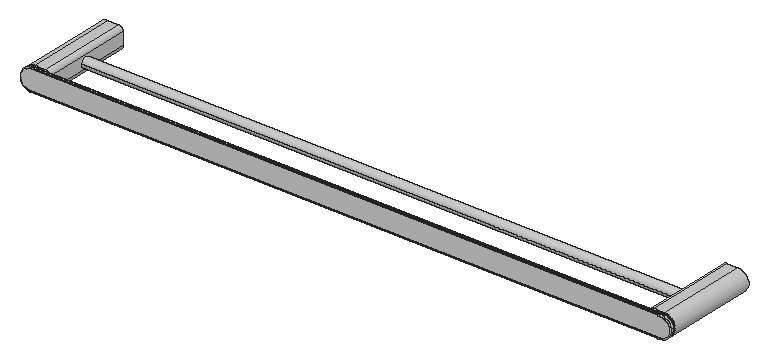
Revit family "TowelRail_SurfaceMount_Abey_Vela_Double", category Specialty Equipment, Revit 2021
Family settings
  Round Connector Dimension = Use Diameter
  Part Type = Normal
  OmniClass Number = 23.31.25.25
  OmniClass Title = Towel Bars
  Work Plane-Based = No
  Always vertical = Yes
  Cut with Voids When Loaded = No
  Shared = No
  Room Calculation Point = No
Parameters (values of type "Chrome (VDTR)")
  Uniclass2015Version = "Products v1.33"
  Uniclass2015Title = "Towel rails"
  Uniclass2015Code = "Pr_40_20_76_90"
  URL = "https://www.abey.com.au/"
  Type Comments = "Chrome"
  ModifiedIssue = 20241025
  Model = "VDTR"
  ManufacturerURLProductSpecific = "https://www.abey.com.au/product/bathroom/bathroom-accessories/vela-bathroom-accessories/vela-760mm-double-towel-rail/?attribute_pa_finish=chrome"
  ManufacturerSpecCode = Model  # "VDTR"
  ManufacturerOverallWidth = 760 mm  # constant formula
  ManufacturerOverallHeight = 25 mm  # constant formula
  ManufacturerOverallDepth = 113 mm  # constant formula
  ManufacturerHeightFromFFL [instance] = 900 mm
  Manufacturer = "Abey"
  IfcExportType = "NOTDEFINED"
  IfcExportAs = "IfcFurniture"
  Description = "Vela Double Towel Rail Chrome"
  Default Elevation = 0 mm
  CreatedByURL = "https://igsgroup.com.au"
  CreatedBy = "IGS BIM Solutions"  # constant formula
  Material = Metal_Abey_Chrome
  Assembly Code = "C1030210"
Types (5, lengths in mm): name | Type Comments | Model | ManufacturerURLProductSpecific | ManufacturerSpecCode | Description | Material
  Chrome (VDTR) | "Chrome" | "VDTR" | "https://www.abey.com.au/product/bathroom/bathroom-accessories/vela-bathroom-accessories/vela-760mm-double-towel-rail/?attribute_pa_finish=chrome" | "VDTR" | "Vela Double Towel Rail Chrome" | Metal_Abey_Chrome
  Black (VDTR-B) | "Black" | "VDTR-B" | "https://www.abey.com.au/product/bathroom/bathroom-accessories/vela-bathroom-accessories/vela-760mm-double-towel-rail/?attribute_pa_finish=black" | "VDTR-B" | "Vela Double Towel Rail Black" | Metal_Abey_Black
  Brushed Brass (VDTR-BB) | "Brushed Brass" | "VDTR-BB" | "https://www.abey.com.au/product/bathroom/bathroom-accessories/vela-bathroom-accessories/vela-760mm-double-towel-rail/?attribute_pa_finish=brushed-brass" | "VDTR-BB" | "Vela Double Towel Rail Brushed Brass" | Metal_Abey_Brass
  Gun Metal (VDTR-GM) | "Gun Metal" | "VDTR-GM" | "https://www.abey.com.au/product/bathroom/bathroom-accessories/vela-bathroom-accessories/vela-760mm-double-towel-rail/?attribute_pa_finish=gun-metal" | "VDTR-GM" | "Vela Double Towel Rail Gun Metal" | Metal_Abey_GunMetal
  Brushed Nickel (VDTR-BN) | "Brushed Nickel" | "VDTR-BN" | "https://www.abey.com.au/product/bathroom/bathroom-accessories/vela-bathroom-accessories/vela-760mm-double-towel-rail/?attribute_pa_finish=brushed-nickel-pvd" | "VDTR-BN" | "Vela Double Towel Rail Brushed Nickel" | Metal_Abey_BrushedNickel
Reference planes
  plane 1 "Ref. Level": z = 0
  plane 2 "Right": x = -437.5
  plane 3 "Back": y = 43.5
  plane 4 "Front": y = -69.5
  plane 5 "Left": x = -1197.5
  plane 6 "Bottom": z = 887.5
  plane 7 "Center (Elevation)": z = 900
  plane 8 "Top": z = 912.5
  plane 9 "Center (Left/Right)": x = -817.5
Forms (mm)
  Extrusion 1, solid, material "Metal_Abey_Chrome" <- "Material"
    sketch origin (-15, -69.5, 0) x (1, 0, 0) y (0, 0, 1)
      loop
        arc (-1170, 912.5) -> (-1182.5, 900) -> (-1170, 887.5) r 12.5
        line (-1170, 887.5) -> (-435, 887.5)
        arc (-435, 887.5) -> (-422.5, 900) -> (-435, 912.5) r 12.5
        line (-435, 912.5) -> (-1170, 912.5)
    from -5 to 0
  Extrusion 2, solid, material "Metal_Abey_Chrome" <- "Material"
    sketch origin (-15, 43.5, 0) x (1, 0, 0) y (0, 0, 1)
      loop
        arc (-1170, 912.5) -> (-1182.5, 900) -> (-1170, 887.5) r 12.5
        line (-1170, 887.5) -> (-1157.5, 887.5)
        arc (-1157.5, 887.5) -> (-1153.964, 888.964) -> (-1152.5, 892.5) r 5
        line (-1152.5, 892.5) -> (-1152.5, 907.5)
        arc (-1152.5, 907.5) -> (-1153.964, 911.036) -> (-1157.5, 912.5) r 5
        line (-1157.5, 912.5) -> (-1170, 912.5)
      loop
        line (-435, 912.5) -> (-447.5, 912.5)
        arc (-447.5, 912.5) -> (-451.036, 911.036) -> (-452.5, 907.5) r 5
        line (-452.5, 907.5) -> (-452.5, 892.5)
        arc (-452.5, 892.5) -> (-451.036, 888.964) -> (-447.5, 887.5) r 5
        line (-447.5, 887.5) -> (-435, 887.5)
        arc (-435, 887.5) -> (-422.5, 900) -> (-435, 912.5) r 12.5
    from 0 to 108
  Revolve 3, solid, material "Metal_Abey_Chrome" <- "Material"
    sketch origin (626.075, -1434, 900) x (0, -1, 0) y (1, 0, 0)
      loop
        line (-1422.5, -1793.575) -> (-1422.5, -1093.575) -> (-1428.5, -1093.575) -> (-1428.5, -1793.575) -> (-1422.5, -1793.575)
      axis (-1422.5, -1793.575) -> (-1422.5, -1093.575)
    angle from 0 to 360
  Sweep 4, void
    path origin (-15, -69.5, 0) x (1, 0, 0) y (0, 0, 1)
      loop
        line (-435, 912.5) -> (-1170, 912.5)
        arc (-1170, 912.5) -> (-1182.5, 900) -> (-1170, 887.5) r 12.5
        line (-1170, 887.5) -> (-435, 887.5)
        arc (-435, 887.5) -> (-422.5, 900) -> (-435, 912.5) r 12.5
    profile origin (-817.5, -69.5, 912.5) x (0, 0, -1) y (0, -1, 0)
      loop
        line (0, 0) -> (0, -1)
        arc (0, -1) -> (0.293, -0.293) -> (1, 0) r 1
        line (1, 0) -> (0, 0)
      loop
        line (0, -5) -> (1, -5)
        arc (1, -5) -> (0.293, -4.707) -> (0, -4) r 1
        line (0, -4) -> (0, -5)
  Sweep 5, void
    path origin (-15, -69.5, 0) x (1, 0, 0) y (0, 0, 1)
      loop
        line (-1157.5, 912.5) -> (-1170, 912.5)
        arc (-1170, 912.5) -> (-1182.5, 900) -> (-1170, 887.5) r 12.5
        line (-1170, 887.5) -> (-1157.5, 887.5)
        arc (-1157.5, 887.5) -> (-1153.964, 888.964) -> (-1152.5, 892.5) r 5
        line (-1152.5, 892.5) -> (-1152.5, 907.5)
        arc (-1152.5, 907.5) -> (-1153.964, 911.036) -> (-1157.5, 912.5) r 5
    profile origin (-1178.75, -69.5, 912.5) x (0, 0, -1) y (0, -1, 0)
      loop
        line (0, -5) -> (0, -6)
        arc (0, -6) -> (0.293, -5.293) -> (1, -5) r 1
        line (1, -5) -> (0, -5)
  Sweep 6, void
    path origin (-15, -69.5, 0) x (1, 0, 0) y (0, 0, 1)
      loop
        line (-452.5, 907.5) -> (-452.5, 892.5)
        arc (-452.5, 892.5) -> (-451.036, 888.964) -> (-447.5, 887.5) r 5
        line (-447.5, 887.5) -> (-435, 887.5)
        arc (-435, 887.5) -> (-422.5, 900) -> (-435, 912.5) r 12.5
        line (-435, 912.5) -> (-447.5, 912.5)
        arc (-447.5, 912.5) -> (-451.036, 911.036) -> (-452.5, 907.5) r 5
    profile origin (-467.5, -69.5, 900) x (0, -1, 0) y (1, 0, 0)
      loop
        line (-5, 0) -> (-5, 1)
        arc (-5, 1) -> (-5.293, 0.293) -> (-6, 0) r 1
        line (-6, 0) -> (-5, 0)
Cuts and joins
  Sweep 4 cuts Extrusion 1
  Sweep 5, Sweep 6 cuts Extrusion 2
Lines and regions (mm)
  Masking region 1
    outline origin (719.236, -834, 912.5) x (-1, 0, 0) y (0, -1, 0)
      loop
        line (1916.736, -877.5) -> (1916.736, -770.5)
        arc (1916.736, -770.5) -> (1916.444, -769.793) -> (1915.736, -769.5) r 1
        arc (1915.736, -769.5) -> (1916.444, -769.207) -> (1916.736, -768.5) r 1
        line (1916.736, -768.5) -> (1916.736, -765.5)
        arc (1916.736, -765.5) -> (1916.444, -764.793) -> (1915.736, -764.5) r 1
        line (1915.736, -764.5) -> (1157.736, -764.5)
        arc (1157.736, -764.5) -> (1157.029, -764.793) -> (1156.736, -765.5) r 1
        line (1156.736, -765.5) -> (1156.736, -768.5)
        arc (1156.736, -768.5) -> (1157.029, -769.207) -> (1157.736, -769.5) r 1
        arc (1157.736, -769.5) -> (1157.029, -769.793) -> (1156.736, -770.5) r 1
        line (1156.736, -770.5) -> (1156.736, -877.5) -> (1186.736, -877.5) -> (1186.736, -828.5) -> (1886.736, -828.5) -> (1886.736, -877.5) -> (1916.736, -877.5)
      loop
        line (1886.736, -816.5) -> (1886.736, -770.5)
        arc (1886.736, -770.5) -> (1887.029, -769.793) -> (1887.736, -769.5) r 1
        line (1887.736, -769.5) -> (1185.736, -769.5)
        arc (1185.736, -769.5) -> (1186.444, -769.793) -> (1186.736, -770.5) r 1
        line (1186.736, -770.5) -> (1186.736, -816.5) -> (1886.736, -816.5)
  symbolic lines, style "Bathroom Fixtures", detail levels medium+fine
    curve 1: line (-1167.5, -5.5, 912.5) -> (-1167.5, -17.5, 912.5)
    curve 2: line (-467.5, -5.5, 912.5) -> (-467.5, -17.5, 912.5)
    curve 3: line (-466.5, -64.5, 912.5) -> (-438.5, -64.5, 912.5)
    curve 4: line (-1168.5, -64.5, 912.5) -> (-1196.5, -64.5, 912.5)
Text (mm)
  text "Disclaimer:\nDue to ongoing product development and manufacturing \nevolution, product details are subject to change without \nnotice. Please refer to product technical data sheets on \nthe manufacturers website for the most current product \ninformation. Please allow a +/- 5mm manufacturing \ntolerance for dimensions and set-outs shown in product \nliterature." at (-251.826, 177.396, 0), in view "Ref. Level"
Dimensions and locks
  "ManufacturerOverallDepth": plane 4 "Front" to plane 3 "Back"
  "ManufacturerOverallHeight": plane 8 "Top" to plane 6 "Bottom"
  "ManufacturerOverallWidth": plane 5 "Left" to plane 2 "Right"
  equal spacing: plane 5 "Left", plane 9 "Center (Left/Right)", plane 2 "Right"
  "ManufacturerHeightFromFFL": plane 7 "Center (Elevation)" to plane 1 "Ref. Level"
  equal spacing: plane 8 "Top", plane 7 "Center (Elevation)", plane 6 "Bottom", locked at 12.5 each
  aligned and locked: level to plane 1 "Ref. Level"
Automatic sketch dimensions
  Extrusion 1 sketch curve to plane 7 "Center (Elevation)" = 0 mm
  Extrusion 1 sketch curve to plane 8 "Top" = 0 mm
  plane 5 "Left" to Extrusion 1 sketch curve = 12.5 mm
  Extrusion 1 sketch curve to plane 2 "Right" = 12.5 mm
  Extrusion 2 sketch curve to plane 8 "Top" = 0 mm  (x2)
  Extrusion 2 sketch curve to plane 6 "Bottom" = 0 mm  (x2)
  Extrusion 2 sketch curve to plane 8 "Top" = 5 mm  (x2)
  Extrusion 2 sketch curve to Extrusion 2 sketch curve = 5 mm  (x2)
  plane 5 "Left" to Extrusion 2 sketch curve = 12.5 mm
  Extrusion 2 sketch curve to Extrusion 2 sketch curve = 12.5 mm  (x2)
  plane 3 "Back" to Revolve 3 sketch curve = 49 mm
  Revolve 3 sketch curve to Revolve 3 sketch curve = 6 mm
  plane 3 "Back" to Revolve 3 sketch curve = 55 mm
  Revolve 3 sketch curve to Revolve 3 sketch curve = 155 mm
  Revolve 3 sketch curve to Revolve 3 sketch curve = 35 mm
  plane 5 "Left" to Revolve 3 sketch curve = 30 mm
  Extrusion 2 sketch curve to plane 2 "Right" = 30 mm
  Revolve 3 sketch curve to plane 2 "Right" = 30 mm
  Sweep 4 sketch curve to plane 8 "Top" = 0 mm
  Sweep 4 sketch curve to plane 7 "Center (Elevation)" = 0 mm
  plane 5 "Left" to Sweep 4 sketch curve = 12.5 mm
  Sweep 4 sketch curve to plane 2 "Right" = 12.5 mm
  Sweep 4 sketch curve to plane 4 "Front" = 0 mm
  Sweep 4 sketch curve to profile plane = 0 mm  (x2)
  Sweep 4 sketch curve to plane 4 "Front" = 1 mm
  Sweep 4 sketch curve to profile plane = 1 mm
  Sweep 4 sketch curve to Sweep 4 sketch curve = 3 mm
  Sweep 5 sketch curve to plane 8 "Top" = 0 mm
  Sweep 5 sketch curve to plane 7 "Center (Elevation)" = 0 mm
  plane 5 "Left" to Sweep 5 sketch curve = 12.5 mm
  Sweep 5 sketch curve to Sweep 5 sketch curve = 12.5 mm
  Sweep 5 sketch curve to plane 6 "Bottom" = 5 mm
  Sweep 5 sketch curve to plane 8 "Top" = 5 mm
  Sweep 5 sketch curve to profile plane = 0 mm
  Sweep 5 sketch curve to plane 4 "Front" = 6 mm
  Sweep 5 sketch curve to Sweep 5 sketch curve = 1 mm
  Sweep 6 sketch curve to plane 8 "Top" = 0 mm
  Sweep 6 sketch curve to plane 8 "Top" = 5 mm
  Sweep 6 sketch curve to plane 2 "Right" = 30 mm
  Sweep 6 sketch curve to plane 6 "Bottom" = 5 mm
  Sweep 6 sketch curve to plane 2 "Right" = 12.5 mm
  Sweep 6 sketch curve to plane 6 "Bottom" = 0 mm
  Sweep 6 sketch curve to profile plane = 0 mm
  Sweep 6 sketch curve to profile plane = 1 mm
  Sweep 6 sketch curve to plane 4 "Front" = 6 mm
  Masking region 1 sketch curve to plane 2 "Right" = 0 mm  (x2)
  plane 4 "Front" to Masking region 1 sketch curve = 0 mm
  plane 3 "Back" to Masking region 1 sketch curve = 0 mm  (x2)
  Masking region 1 sketch curve to plane 5 "Left" = 0 mm  (x2)
  Masking region 1 sketch curve to plane 2 "Right" = 1 mm
  Masking region 1 sketch curve to Masking region 1 sketch curve = 1 mm  (x5)
  Masking region 1 sketch curve to plane 4 "Front" = 6 mm  (x2)
  Masking region 1 sketch curve to Masking region 1 sketch curve = 28 mm
  Masking region 1 sketch curve to Masking region 1 sketch curve = 0 mm  (x2)
  plane 5 "Left" to Masking region 1 sketch curve = 30 mm
  Masking region 1 sketch curve to Masking region 1 sketch curve = 30 mm
  plane 5 "Left" to Masking region 1 sketch curve = 1 mm
  plane 3 "Back" to Masking region 1 sketch curve = 49 mm
  Masking region 1 sketch curve to Masking region 1 sketch curve = 12 mm
  Masking region 1 sketch curve to Masking region 1 sketch curve = 5 mm  (x2)
  Masking region 1 sketch curve to plane 2 "Right" = 30 mm
  curve 3 to plane 2 "Right" = 1 mm
  plane 3 "Back" to curve 2 = 49 mm
  curve 3 to plane 4 "Front" = 5 mm
  curve 3 to curve 3 = 28 mm
  curve 2 to plane 2 "Right" = 30 mm
  plane 5 "Left" to curve 1 = 30 mm
  curve 4 to plane 4 "Front" = 5 mm
  plane 5 "Left" to curve 4 = 29 mm
  plane 5 "Left" to curve 4 = 1 mm
  plane 3 "Back" to curve 1 = 49 mm
  curve 2 to curve 2 = 12 mm
  curve 1 to curve 1 = 12 mm
